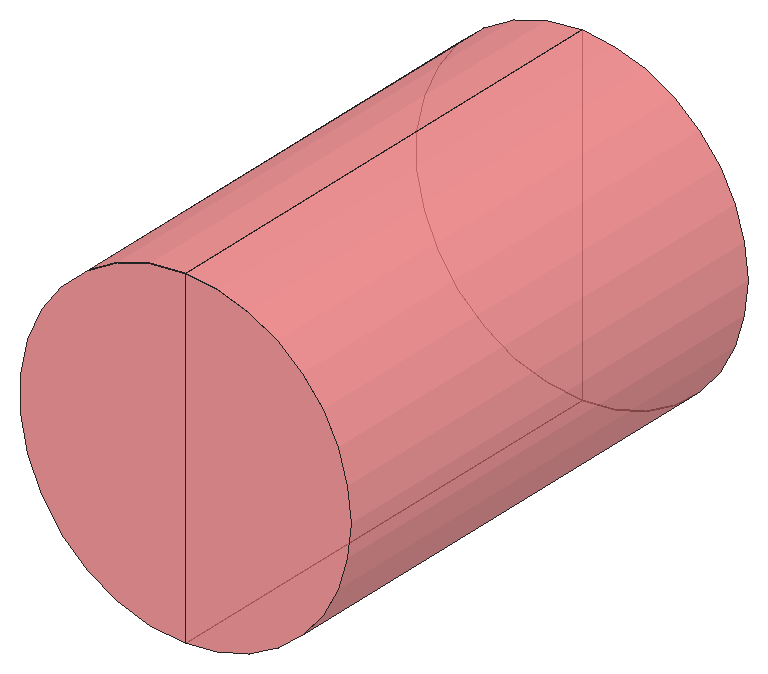
Revit family "М1_ОтверстиеКруглое_Стена", category Обобщенные модели, Revit 2021
Family settings
  Может служить основой для арматурных стержней = Нет
  Размер круглого соединителя = Использовать диаметр
  Тип детали = Нормальный
  На основе рабочей плоскости = Нет
  Всегда вертикально = Да
  При загрузке вырезать с полостями = Да
  Общий = Нет
  Точка принадлежности помещению = Нет
Parameters (values of type "Отверстие_ОВ")
  Отметка по умолчанию = 0 mm
  Группа модели = "Отверстие в стене"  # constant formula
  M1_СreationDate [instance] = ""
  M1_SystemName [instance] = ""
  M1_ElementMask [instance] = ""
  Data [instance] = ""
  ADSK_Размер_Диаметр [instance] = 200 mm
  ADSK_Размер_Глубина [instance] = 300 mm
  ADSK_Отверстие_Функция = "ОВ"
  ADSK_Отверстие_Отметка от нуля [instance] = 0 mm
  ADSK_Материал = ADSK_Отверстие_ОВ
Reference planes
  plane 1 "По центру (Вперед/Назад)": y = 0
  plane 2: z = 0
  plane 3 "По центру (Влево/Вправо)": x = 0
  plane 4: x = -100
  plane 5: x = 100
  plane 6: y = 150
  plane 7: y = -150
  plane 8: z = 100
  plane 9: z = -100
  plane 10: z = 101
  plane 11: z = -101
  plane 12: y = -151
  plane 13: y = 151
Forms (mm)
  Revolve 1, solid, material "ADSK_Отверстие_ОВ" <- "ADSK_Материал"
    sketch origin (0, 0, 0) x (0, 1, 0) y (0, 0, 1)
      loop
        line (151, 0) -> (-151, 0) -> (-151, -101) -> (151, -101) -> (151, 0)
      axis (151, 0) -> (-151, 0)
    angle from 0 to 360
  Revolve 2, void
    sketch origin (0, 0, 0) x (0, 1, 0) y (0, 0, 1)
      loop
        line (-151, 101) -> (-151, 0) -> (151, 0) -> (151, 101) -> (-151, 101)
      axis (-151, 0) -> (151, 0)
    angle from 0 to 360
Dimensions and locks
  equal spacing: plane 4, plane 3 "По центру (Влево/Вправо)", plane 5
  "ADSK_Размер_Диаметр": plane 4 to plane 5
  equal spacing: plane 6, plane 1 "По центру (Вперед/Назад)", plane 7
  "ADSK_Размер_Глубина": plane 6 to plane 7
  equal spacing: plane 8, level, plane 9
  "ADSK_Размер_Диаметр": plane 8 to plane 9
  locked: plane 6 to plane 13 at 1
  locked: plane 12 to plane 7 at 1
  locked: plane 10 to plane 8 at 1
  locked: plane 9 to plane 11 at 1
  aligned and locked: level to plane 2
  aligned and locked: Revolve 1 sketch curve to level  (x2)
  aligned and locked: Revolve 2 sketch curve to level
  aligned and locked: Revolve 1 to Revolve 2 sketch curve
  aligned and locked: level to Revolve 2 sketch curve
  aligned and locked: Revolve 2 sketch curve to Revolve 1
  aligned and locked: Revolve 1 sketch curve to plane 12
  aligned and locked: plane 11 to Revolve 1 sketch curve
  aligned and locked: plane 13 to Revolve 1 sketch curve
  aligned and locked: Revolve 2 sketch curve to plane 10
Automatic sketch dimensions
  Revolve 1 sketch curve to Revolve 1 sketch curve = 375.329 mm
  Revolve 1 sketch curve to Revolve 1 sketch curve = 302.671 mm
  Revolve 2 sketch curve to plane 7 = 360 mm
  plane 6 to Revolve 2 sketch curve = 240 mm
